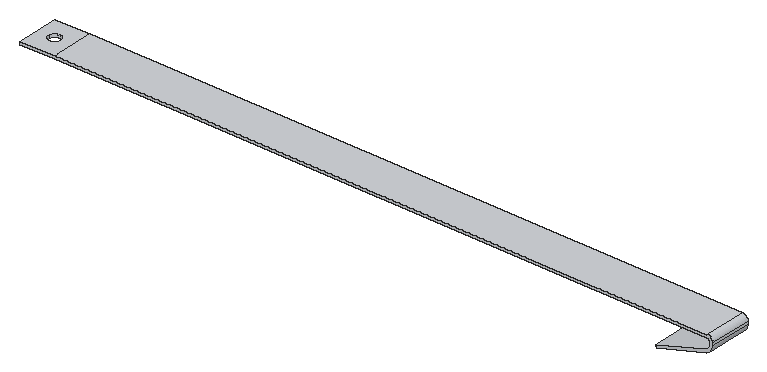
Revit family "beam clamp retaining strap-7250-14rfa", category Pipe Accessories, Revit 2018
Family settings
  Round Connector Dimension = Use Diameter
  Part Type = Normal
  Work Plane-Based = No
  Always vertical = Yes
  Cut with Voids When Loaded = No
  Shared = No
Parameters (values of type "FNW7250Z1200")
  Weight [instance] = ""  # constant formula
  W = 0.950"  # constant formula
  URL = "http://www.fnw.com"
  T = 0.063"  # constant formula
  Show Sample Beam Clamp [instance] = no
  SSR = 0.125"  # constant formula
  SQH = 0.153"  # constant formula
  RD = 0.280"  # constant formula
  R1 = RD / 2  # 0.140"
  Product ID [instance] = ""
  Part Number [instance] = "FNW7250Z1200"
  Material = Zinc
  Threaded Rod Center = 1.000"  # constant formula
  Inside Beam Face [instance] = 0.630"  # constant formula
  Description BOM [instance] = "Beam Clamp Retaining Strap 14\""
  D = 0.750"  # constant formula
  C Half [instance] = Beam Clamp Height / 2  # 0.780"
  Beam Size = 14.000"  # constant formula
  Beam Clamp Height = 1.560"  # constant formula
  Beam thickness [instance] = 0.250"
  B = 1.220"  # constant formula
  A = 1.880"  # constant formula
Reference planes (in)
  plane 1 "Center (Front/Back)": y = 0
  plane 2: z = 0
  plane 3 "Center (Left/Right)": x = 0
  plane 4: x = -1
  plane 5: z = 1.56
  plane 6: x = -1.38
  plane 7: x = -0.63
  plane 8: z = 1.137
  plane 9: z = 0.387
  plane 10: z = 0.762
  plane 11: x = 0.34
  plane 12: y = 0.315
  plane 13: y = -0.315
  plane 14: y = 0.475
  plane 15: y = -0.475
  plane 16: z = 0.887
  plane 17: x = 13.37
Forms (in)
  Extrusion 1, solid, material "Glass", visible <- "Show Sample Beam Clamp"
    sketch origin (0, 0, 0) x (1, 0, 0) y (0, 0, 1)
      loop
        line (-1.38, 1.56) -> (-1.38, 0) -> (0.34, 0) -> (0.34, 0.387) -> (-0.63, 0.387) -> (-0.63, 1.137) -> (0.34, 1.137) -> (0.34, 1.56) -> (-1.38, 1.56)
    from -0.475 to 0.475
  Extrusion 2, void
    sketch origin (0, 0, 0) x (1, 0, 0) y (0, 1, 0)
      loop
        line (-0.63, 0.475) -> (0.02948, 0.44745)
        arc (0.02948, 0.44745) -> (0.44842, 0) -> (0.02948, -0.44745) r 0.44842
        line (0.02948, -0.44745) -> (-0.63, -0.475) -> (-0.63, -0.725) -> (1.06638, -0.725) -> (1.06638, 0) -> (1.06638, 0.725) -> (-0.63, 0.725) -> (-0.63, 0.475)
    from 0 to 1.81081
  Extrusion 3, void
    sketch origin (0, 0, 0) x (1, 0, 0) y (0, 1, 0)
      loop
        circle (-1, 0) r 0.14
    from 0 to 2.00406
  Extrusion 4, void
    sketch origin (0, 0, 0) x (1, 0, 0) y (0, 0, 1)
      loop
        line (0.85897, 1.44414) -> (0.85897, 1.7727) -> (-1.86912, 1.7727) -> (-1.86912, -0.08867) -> (-1.30007, -0.08867) -> (-1.30007, 0.387) -> (-1.44105, 0.46839) -> (-1.44105, 1.05561) -> (-1.30007, 1.137) -> (-1.30007, 1.56) -> (-0.62534, 1.56) -> (0.85897, 1.44414)
    from -0.3798 to 0.3798
  Revolve 5, solid, material "Glass", visible <- "Show Sample Beam Clamp"
    sketch origin (0, 0, 0) x (1, 0, 0) y (0, 0, 1)
      loop
        line (0, 0.5745) -> (-0.05343, 0.5745) -> (-0.125, 0.40775) -> (-0.125, -0.34209) -> (0, -0.34209) -> (0, 0.5745)
      axis (0, 0.5745) -> (0, -0.34209)
    angle from 0 to 360
  Extrusion 6, solid, material "Glass", visible <- "Show Sample Beam Clamp"
    sketch origin (0, 0, 0) x (1, 0, 0) y (0, 1, 0)
      loop
        line (-0.153, 0.153) -> (-0.153, -0.153) -> (0.153, -0.153) -> (0.153, 0.153) -> (-0.153, 0.153)
    from -0.50563 to -0.34209
  Revolve 7, void
    sketch origin (0, 0, 0) x (1, 0, 0) y (0, 0, 1)
      loop
        line (-1.45014, 0.762) -> (-1.18765, 0.762) -> (-1.18765, 0.902) -> (-1.45014, 0.902) -> (-1.45014, 0.762)
      axis (-1.18765, 0.762) -> (-1.45014, 0.762)
    angle from 0 to 360
  Sweep 8, solid
    path origin (0, 0, 0) x (1, 0, 0) y (0, 0, 1)
      loop
        line (-1.38, 1.61854) -> (-0.63, 1.61854) -> (13.50462, 1.16807)
        arc (13.50462, 1.16807) -> (13.56641, 1.13753) -> (13.59103, 1.07315) r 0.09452
        line (13.59103, 1.07315) -> (13.59058, 1.0157)
        arc (13.59058, 1.0157) -> (13.56182, 0.93197) -> (13.48847, 0.88241) r 0.1395
        line (13.48847, 0.88241) -> (12.40304, 0.58049)
    profile origin (-1.005, 0, 1.61854) x (0, 0, 1) y (0, -1, 0)
      loop
        line (0.0315, -0.475) -> (0.0315, 0.475) -> (-0.0315, 0.475) -> (-0.0315, -0.475) -> (0.0315, -0.475)
Cuts and joins
  Extrusion 2, Extrusion 3, Extrusion 4, Revolve 7 cuts Extrusion 1
  Extrusion 3 cuts Sweep 8
Lines and regions (in)
  reference lines
    curve 1: line (-1, 0, 1.56) -> (-1, 0, 0)
    curve 2: line (-1.38, 0, 0) -> (0.75, 0, 0)
    curve 3: line (13.37, 0, 1.56) -> (13.37, 0, -1.19)
    curve 4: line (0, 0, 3.06) -> (0, 0, -0.86039)
    curve 5: line (-1, 0, 2.9094) -> (-1, 0, -2.5906)
    curve 6: line (-1, 0, 1.56) -> (-4.75, 0, 1.56)
Dimensions and locks (in)
  "Beam Clamp Height": plane 5 to plane 2
  equal spacing: plane 8, plane 10, plane 9
  equal spacing: plane 13, plane 1 "Center (Front/Back)", plane 12
  "Inside Beam Face": plane 13 to plane 12
  "SSR": plane 3 "Center (Left/Right)" to Revolve 5 sketch curve
  "SQH": plane 1 "Center (Front/Back)" to Extrusion 6 sketch curve  (x2)
  "SQH": plane 3 "Center (Left/Right)" to Extrusion 6 sketch curve
  "SQH": Extrusion 6 sketch curve to plane 3 "Center (Left/Right)"
  "Threaded Rod Center": plane 3 "Center (Left/Right)" to plane 4
  "Inside Beam Face": plane 7 to plane 3 "Center (Left/Right)"
  "R1": Revolve 7 sketch curve to plane 10
  "Beam thickness": plane 8 to plane 16
  "Beam Size": plane 7 to plane 17
  equal spacing: Sweep 8 sketch curve, profile plane, Sweep 8 sketch curve
  "T": Sweep 8 sketch curve to Sweep 8 sketch curve
  equal spacing: plane 15, plane 1 "Center (Front/Back)", plane 14
  "W": plane 15 to plane 14
  "RD": diameter of Extrusion 3 sketch curve
  aligned and locked: plane 2 to level
  aligned and locked: Extrusion 1 sketch curve to plane 11
  aligned and locked: plane 5 to Extrusion 1 sketch curve
  aligned and locked: Extrusion 1 sketch curve to plane 6
  aligned and locked: Extrusion 1 to plane 15
  aligned and locked: Extrusion 1 to plane 14
  aligned and locked: curve 3 to plane 17
Automatic sketch dimensions
  plane 7 to Extrusion 1 sketch curve = 0.000"
  Extrusion 1 sketch curve to level = 0.000"
  Extrusion 1 sketch curve to plane 9 = 0.000"
  Extrusion 1 sketch curve to plane 8 = 0.000"
  plane 1 "Center (Front/Back)" to curve 2 = 0.000"
  curve 2 to plane 6 = 0.000"
  plane 11 to Extrusion 1 sketch curve = 0.000"
  plane 11 to curve 2 = 0.410"
  Extrusion 2 sketch curve to plane 7 = 0.000"  (x2)
  plane 3 "Center (Left/Right)" to Extrusion 2 sketch curve = 0.02948"  (x2)
  plane 1 "Center (Front/Back)" to Extrusion 2 sketch curve = 0.000"  (x2)
  Extrusion 2 sketch curve to plane 15 = 0.000"
  plane 14 to Extrusion 2 sketch curve = 0.000"
  Extrusion 2 sketch curve to plane 15 = 0.250"
  plane 11 to Extrusion 2 sketch curve = 0.72638"
  Extrusion 2 sketch curve to Extrusion 2 sketch curve = 0.250"
  plane 15 to Extrusion 2 sketch curve = 0.02755"
  Extrusion 2 sketch curve to plane 3 "Center (Left/Right)" = 0.000"
  Extrusion 4 sketch curve to plane 9 = 0.000"
  Extrusion 4 sketch curve to plane 5 = 0.000"
  Extrusion 4 sketch curve to plane 8 = 0.000"
  Extrusion 4 sketch curve to plane 5 = 0.2127"
  plane 6 to Extrusion 4 sketch curve = 0.06105"
  Extrusion 4 sketch curve to plane 6 = 0.07993"  (x2)
  Extrusion 4 sketch curve to plane 7 = 0.00466"
  plane 11 to Extrusion 4 sketch curve = 0.51897"
  plane 9 to Extrusion 4 sketch curve = 0.08139"
  Extrusion 4 sketch curve to plane 8 = 0.08139"
  plane 5 to Extrusion 4 sketch curve = 0.11586"
  Extrusion 4 sketch curve to level = 0.08867"
  plane 6 to Extrusion 4 sketch curve = 0.48912"
  curve 6 to plane 5 = 0.000"
  curve 1 to level = 0.000"
  curve 1 to plane 4 = 0.000"
  curve 5 to plane 4 = 0.000"
  curve 4 to plane 3 "Center (Left/Right)" = 0.000"
  curve 3 to plane 5 = 0.000"
  plane 6 to curve 6 = 3.370"
  curve 4 to level = 0.86039"
  curve 3 to level = 1.190"
  curve 5 to curve 4 = 1.73021"
  curve 1 to curve 5 = 1.3494"
  curve 5 to curve 4 = 0.1506"
  plane 6 to Sweep 8 sketch curve = 0.000"
  plane 7 to Sweep 8 sketch curve = 0.000"
  plane 17 to Sweep 8 sketch curve = 0.08108"
  Sweep 8 sketch curve to plane 16 = 0.00459"
  plane 17 to Sweep 8 sketch curve = 0.11847"
  Sweep 8 sketch curve to Sweep 8 sketch curve = 0.04544"
  plane 8 to Sweep 8 sketch curve = 0.03107"
  Sweep 8 sketch curve to Sweep 8 sketch curve = 0.0081"
  Sweep 8 sketch curve to plane 8 = 0.1213"
  Sweep 8 sketch curve to Sweep 8 sketch curve = 0.09406"
  Sweep 8 sketch curve to plane 8 = 0.06385"
  Sweep 8 sketch curve to Sweep 8 sketch curve = 0.00046"
  Sweep 8 sketch curve to plane 5 = 0.05854"
  Sweep 8 sketch curve to plane 10 = 0.18151"
  Sweep 8 sketch curve to plane 17 = 0.96696"
  plane 1 "Center (Front/Back)" to Extrusion 3 sketch curve = 0.000"
  Extrusion 3 sketch curve to plane 4 = 0.000"
  Revolve 5 sketch curve to plane 3 "Center (Left/Right)" = 0.000"  (x2)
  Revolve 5 sketch curve to Revolve 5 sketch curve = 0.05343"
  Revolve 5 sketch curve to level = 0.34209"
  plane 9 to Revolve 5 sketch curve = 0.02075"
  Revolve 5 sketch curve to Revolve 5 sketch curve = 0.16675"
  Revolve 5 sketch curve to Revolve 5 sketch curve = 1.02075"
  Revolve 5 sketch curve to Revolve 5 sketch curve = 0.0625"
  Revolve 7 sketch curve to plane 10 = 0.000"  (x2)
  plane 6 to Revolve 7 sketch curve = 0.07014"
  Revolve 7 sketch curve to plane 4 = 0.18765"
  Revolve 7 sketch curve to Revolve 7 sketch curve = 0.62202"
  plane 7 to Revolve 7 sketch curve = 0.04235"
  Sweep 8 sketch curve to plane 1 "Center (Front/Back)" = 0.475"
  plane 1 "Center (Front/Back)" to Sweep 8 sketch curve = 0.475"
